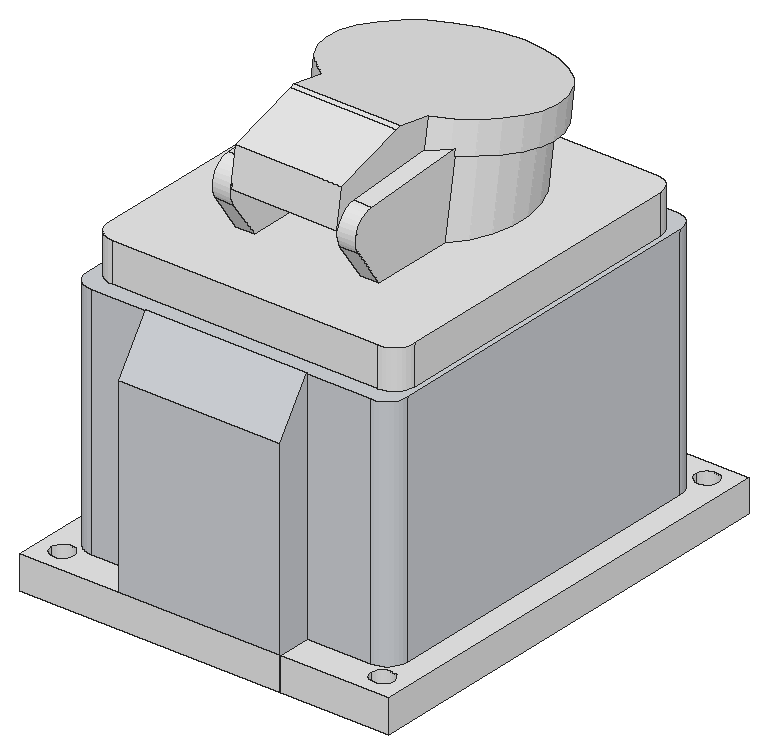
Revit family "Building-ConnessioniIEC309-GEWISS-IEC309BTS-PRESE_FISSE_PAR_10°_BASSISSIMA_V_IP44", category Apparecchi elettrici, host Superficie, Revit 2019
Family settings
  Host = Superficie
  Mantenere orientamento annotazione = Sì
  Quota connettore circolare = Usa diametro
  Tipo di parte = Normale
  Taglio con vuoti quando caricato = No
  Condiviso = Sì
  Punto di calcolo locali = Sì
Parameters (values of type "GW62473 - PRESA FISSA 10°PAR.PR.2P 32A CC 10H")
  simbolo acceso [instance] = yes
  distanza_simbolo [instance] = 1 mm
  distanza dal piano [instance] = 0 mm
  W = 115 mm  # constant formula
  Versione file RFA = "21.11"
  URL = "https://www.gewiss.com/it/it"
  Tipologia = "Presa fissa da parete 10°"
  Tipo Cablaggio = "A vite"
  Termopressione con biglia = "125 °C (Parti attive) - 80 °C (Parti passive)"
  Tensione nominale: = "20-25 V e 40-50 V"
  Temperatura di utilizzo = "-25 +40 °C"
  Spostamento_effettivo_S [instance] = 4000 mm - Spostamento_S  # 3045 mm
  Spostamento_S = 955 mm
  Sportello_visibile = yes
  Sovraccarico ammissibile = "42A"
  Scheda Tecnica = "https://www.gewiss.com/it/it/search?q=GW62473"
  SPinotto = Default(2)
  SEO = "Presa"
  Riferimento h: = "10"
  Resistenza di isolamento = "- 10 M?"
  Resistenza agli urti = "IK08"
  Prospetto di default = 500 mm
  Produttore = "GEWISS S.p.A."
  Potere d'interruzione a 1,1 Un = "40A"
  Piastra = Default(2)
  N. poli = "2P"
  N. Manovre complessive = "-2000"
  Modello = "GW62473"
  L = 155 mm  # constant formula
  Immagine tipo = (empty or 0)
  IDT = "985099ec4f384df9a4f1881abc1748ff"
  IDF = "91b45953-acf1-4e0b-a32c-f2a8ef19a38d"
  Grado di protezione = "IP44"
  Glow wire test: = "850 °C (Parti attive) - 650 °C (Parti passive)"
  Frequenza = "c.c."
  FORMULA = 1000 mm * 1  # 1000 mm
  Descrizione = "PRESA FISSA 10°PAR.PR.2P 32A CC 10H"
  Creato da GEWISS S.p.A. = ""
  Corrente nominale (A) = "32"
  Corpo centrale = Default(2)
  Colore: = "Bianco"
  Codice Electrocod = "2210"
  Catalogo = "BUILDING"
  CapacitÃ  serraggio morsetti = "2,5-6 mm² cavi flessibili - 2,5-10 mm² cavi rigidi"
  COBie.Tagnumber = ""
  COBie.CreatedOn = ""
  COBie.CreatebBy = ""
  COBie.ComponentRegisterItemID = ""
  COBie.Component.TagNumber = ""
  COBie.Component.Space = ""
  COBie.Component.SerialNumber = ""
  COBie.Component.InstallationDate = ""
  COBie.Component.Description = ""
  COBie.Component.BarCode = ""
  BLOCCO = "B=C"
Types (18, lengths in mm): name | Tensione nominale: | Sovraccarico ammissibile | Scheda Tecnica | Riferimento h: | Potere d'interruzione a 1,1 Un | N. poli | N. Manovre complessive | Modello | IDT | Frequenza | Descrizione | Corrente nominale (A) | Colore: | CapacitÃ  serraggio morsetti
  GW62456 - PRESA FISSA 10°PAR.PR.2P 16A 24V S.R. | "20-25 V" | "22A" | "https://www.gewiss.com/it/it/search?q=GW62456" | "-" | "20A" | "2P" | "-5000" | "GW62456" | "7d5b684547bb4727a0f3d0db4403fed9" | "50 - 60 Hz" | "PRESA FISSA 10°PAR.PR.2P 16A 24V S.R." | "16" | "Viola" | "1-2,5 mm² cavi flessibili - 1,5-4 mm² cavi rigidi"
  GW62457 - PRESA FISSA 10°PAR.PR.3P 16A 24V S.R. | "20-25 V" | "22A" | "https://www.gewiss.com/it/it/search?q=GW62457" | "-" | "20A" | "3P" | "-5000" | "GW62457" | "90e39cc7aded4eb68d03abe1b1d09188" | "50 - 60 Hz" | "PRESA FISSA 10°PAR.PR.3P 16A 24V S.R." | "16" | "Viola" | "1-2,5 mm² cavi flessibili - 1,5-4 mm² cavi rigidi"
  GW62458 - PRESA FISSA 10°PAR.PR.2P 16A 42V 12H | "40-50 V" | "22A" | "https://www.gewiss.com/it/it/search?q=GW62458" | "12" | "20A" | "2P" | "-5000" | "GW62458" | "8cccc5702d0c4115af7b15245a22a2b2" | "50 - 60 Hz" | "PRESA FISSA 10°PAR.PR.2P 16A 42V 12H" | "16" | "Bianco" | "1-2,5 mm² cavi flessibili - 1,5-4 mm² cavi rigidi"
  GW62459 - PRESA FISSA 10°PAR.PR.3P 16A 42V 12H | "40-50 V" | "22A" | "https://www.gewiss.com/it/it/search?q=GW62459" | "12" | "20A" | "3P" | "-5000" | "GW62459" | "ca0d0b1bb092479180f9ab97bb2fcedb" | "50 - 60 Hz" | "PRESA FISSA 10°PAR.PR.3P 16A 42V 12H" | "16" | "Bianco" | "1-2,5 mm² cavi flessibili - 1,5-4 mm² cavi rigidi"
  GW62460 - PRESA FISSA 10°PAR.PR.2P 16A 24/42V 4H | "20-25 V e 40-50 V" | "22A" | "https://www.gewiss.com/it/it/search?q=GW62460" | "4" | "20A" | "2P" | "-5000" | "GW62460" | "34971d4872e342d8b9deecafd093ac5d" | "100 - 200 Hz" | "PRESA FISSA 10°PAR.PR.2P 16A 24/42V 4H" | "16" | "Verde" | "1-2,5 mm² cavi flessibili - 1,5-4 mm² cavi rigidi"
  GW62461 - PRESA FISSA 10°PAR.PR.3P 16A 24/42V 4H | "20-25 V e 40-50 V" | "22A" | "https://www.gewiss.com/it/it/search?q=GW62461" | "4" | "20A" | "3P" | "-5000" | "GW62461" | "5e295d5d64e24095b380a3490871b562" | "100 - 200 Hz" | "PRESA FISSA 10°PAR.PR.3P 16A 24/42V 4H" | "16" | "Verde" | "1-2,5 mm² cavi flessibili - 1,5-4 mm² cavi rigidi"
  GW62462 - PRESA FISSA 10°PAR.PR.2P 16A 24/42V 11H | "20-25 V e 40-50 V" | "22A" | "https://www.gewiss.com/it/it/search?q=GW62462" | "11" | "20A" | "2P" | "-5000" | "GW62462" | "2dd16fd37efb461bb407df73c0079121" | "401 - 500 Hz" | "PRESA FISSA 10°PAR.PR.2P 16A 24/42V 11H" | "16" | "Verde" | "1-2,5 mm² cavi flessibili - 1,5-4 mm² cavi rigidi"
  GW62463 - PRESA FISSA 10°PAR.PR.3P 16A 24/42V 11H | "20-25 V e 40-50 V" | "22A" | "https://www.gewiss.com/it/it/search?q=GW62463" | "11" | "20A" | "3P" | "-5000" | "GW62463" | "6d89f80d4bf54053b553a56c70c2c79a" | "401 - 500 Hz" | "PRESA FISSA 10°PAR.PR.3P 16A 24/42V 11H" | "16" | "Verde" | "1-2,5 mm² cavi flessibili - 1,5-4 mm² cavi rigidi"
  GW62464 - PRESA FISSA 10°PAR.PR.2P 16A CC 10H | "20-25 V e 40-50 V" | "22A" | "https://www.gewiss.com/it/it/search?q=GW62464" | "10" | "20A" | "2P" | "-5000" | "GW62464" | "1f9e7aa408e640b09a9436fff713b919" | "c.c." | "PRESA FISSA 10°PAR.PR.2P 16A CC 10H" | "16" | "Bianco" | "1-2,5 mm² cavi flessibili - 1,5-4 mm² cavi rigidi"
  GW62465 - PRESA FISSA 10°PAR.PR.2P 32A 24V S.R. | "20-25 V" | "42A" | "https://www.gewiss.com/it/it/search?q=GW62465" | "-" | "40A" | "2P" | "-2000" | "GW62465" | "de5450c8a9c944f1b39d7c1e5af0d4ad" | "50 - 60 Hz" | "PRESA FISSA 10°PAR.PR.2P 32A 24V S.R." | "32" | "Viola" | "2,5-6 mm² cavi flessibili - 2,5-10 mm² cavi rigidi"
  GW62466 - PRESA FISSA 10°PAR.PR.3P 32A 24V S.R. | "20-25 V" | "42A" | "https://www.gewiss.com/it/it/search?q=GW62466" | "-" | "40A" | "3P" | "-2000" | "GW62466" | "be90706e0c7346e98c94ad55b190a89e" | "50 - 60 Hz" | "PRESA FISSA 10°PAR.PR.3P 32A 24V S.R." | "32" | "Viola" | "2,5-6 mm² cavi flessibili - 2,5-10 mm² cavi rigidi"
  GW62467 - PRESA FISSA 10°PAR.PR.2P 32A 42V 12H | "40-50 V" | "42A" | "https://www.gewiss.com/it/it/search?q=GW62467" | "12" | "40A" | "2P" | "-2000" | "GW62467" | "8f6b7defcd074103b28d388e0e7ca2bf" | "50 - 60 Hz" | "PRESA FISSA 10°PAR.PR.2P 32A 42V 12H" | "32" | "Bianco" | "2,5-6 mm² cavi flessibili - 2,5-10 mm² cavi rigidi"
  GW62468 - PRESA FISSA 10°PAR.PR.3P 32A 42V 12H | "40-50 V" | "42A" | "https://www.gewiss.com/it/it/search?q=GW62468" | "12" | "40A" | "3P" | "-2000" | "GW62468" | "8df6787f81b94943b6d91644d91883b0" | "50 - 60 Hz" | "PRESA FISSA 10°PAR.PR.3P 32A 42V 12H" | "32" | "Bianco" | "2,5-6 mm² cavi flessibili - 2,5-10 mm² cavi rigidi"
  GW62469 - PRESA FISSA 10°PAR.PR.2P 32A 24/42V4H | "20-25 V e 40-50 V" | "42A" | "https://www.gewiss.com/it/it/search?q=GW62469" | "4" | "40A" | "2P" | "-2000" | "GW62469" | "03059986b6b248abb18bcdca87522a76" | "100 - 200 Hz" | "PRESA FISSA 10°PAR.PR.2P 32A 24/42V4H" | "32" | "Verde" | "2,5-6 mm² cavi flessibili - 2,5-10 mm² cavi rigidi"
  GW62470 - PRESA FISSA 10°PAR.PR.3P 32A 24/42V4H | "20-25 V e 40-50 V" | "42A" | "https://www.gewiss.com/it/it/search?q=GW62470" | "4" | "40A" | "3P" | "-2000" | "GW62470" | "e38e93ea567148418ca9a85073c499b1" | "100 - 200 Hz" | "PRESA FISSA 10°PAR.PR.3P 32A 24/42V4H" | "32" | "Verde" | "2,5-6 mm² cavi flessibili - 2,5-10 mm² cavi rigidi"
  GW62471 - PRESA FISSA 10°PAR.PR.2P 32A 24/42V 11H | "20-25 V e 40-50 V" | "42A" | "https://www.gewiss.com/it/it/search?q=GW62471" | "11" | "40A" | "2P" | "-2000" | "GW62471" | "08eaefc1a4694532818f0be07bb15b4a" | "401 - 500 Hz" | "PRESA FISSA 10°PAR.PR.2P 32A 24/42V 11H" | "32" | "Verde" | "2,5-6 mm² cavi flessibili - 2,5-10 mm² cavi rigidi"
  GW62472 - PRESA FISSA 10°PAR.PR.3P 32A 24/42V 11H | "20-25 V e 40-50 V" | "42A" | "https://www.gewiss.com/it/it/search?q=GW62472" | "11" | "40A" | "3P" | "-2000" | "GW62472" | "00f4bd4a7f94404f990660d015841564" | "401 - 500 Hz" | "PRESA FISSA 10°PAR.PR.3P 32A 24/42V 11H" | "32" | "Verde" | "2,5-6 mm² cavi flessibili - 2,5-10 mm² cavi rigidi"
  GW62473 - PRESA FISSA 10°PAR.PR.2P 32A CC 10H | "20-25 V e 40-50 V" | "42A" | "https://www.gewiss.com/it/it/search?q=GW62473" | "10" | "40A" | "2P" | "-2000" | "GW62473" | "985099ec4f384df9a4f1881abc1748ff" | "c.c." | "PRESA FISSA 10°PAR.PR.2P 32A CC 10H" | "32" | "Bianco" | "2,5-6 mm² cavi flessibili - 2,5-10 mm² cavi rigidi"
Reference planes
  plane 1 "Centro (Fronte/Retro)": y = 0
  plane 2: z = 0
  plane 3 "Centro (Sinistra/Destra)": x = 0
  plane 4: x = -3000
  plane 5: x = 45
  plane 6: z = 0
Dimensions and locks
  plane 4 to plane 3 "Centro (Sinistra/Destra)" = 3000 mm
  "Spostamento_effettivo_S": plane 4 to plane 5
  "distanza dal piano": plane 6 to plane 2
  aligned and locked: plane 2 to host face
  aligned and locked: level to host face
  aligned and locked: plane 3 "Centro (Sinistra/Destra)" to nested 1
  aligned and locked: plane 1 "Centro (Fronte/Retro)" to nested 1
  aligned and locked: nested 2 to plane 5
Automatic sketch dimensions
  host sketch curve to host sketch curve = 2438.4 mm  (x2)
Nested families
  nested 1: "IEC309 PRESE FISSE INCASSO 10' 125A IP66-67_BASE" at (0, 0, 0), type "IEC309 PRESE FISSE INCASSO 10' 125A IP66-67_BASE"
  nested 2: "GWGW62201FH - SIMBOLO_PRESA" at (45, 171.559, 0), visible <- "simbolo acceso", Distanza dal muro <- "distanza_simbolo", type "3P"
    with SIMBOLO ACCESO yes, Distanza dal muro 1 mm
  nested 3: "dett_PRESA" at (0, 0, 0), type "dett_PRESA"
Connectors
  electrical at (37.5, 30, 0)
    settings: on nested 1, index 1, voltage 0 V, apparent load 0 VA, apparent load phase1 0 VA, apparent load phase2 0 VA, apparent load phase3 0 VA, power factor 1, load classification "Altro", number of poles 1, system type 31, power factor state 1, is connector primary yes, connector utility no, sub classification motor no, connector description ""
Definition of nested family "IEC309 PRESE FISSE INCASSO 10' 125A IP66-67_BASE"
  Parameters (values of type "IEC309 PRESE FISSE INCASSO 10' 125A IP66-67_BASE")
    sp_ghiera = 16 mm
    r2 = 39 mm
    h = 110 mm  # constant formula
    dis_base = 71 mm
    Sportello = yes
    Spinotto = none
    R1 = 42 mm
    PIASTRA = none
    Lunghezza totale = 140 mm
    CENTRALE = none
    Bsae = 90 mm  # constant formula
  Reference planes
    plane 1 "Centro (Fronte/Retro)": y = 0
    plane 2: z = 0
    plane 3 "Centro (Sinistra/Destra)": x = 0
    plane 4: x = 90
    plane 5: y = 110
    plane 6: x = 45
    plane 7: y = 104.875
    plane 8: y = 5.75
    plane 9: x = 5.75
    plane 10: x = 84
    plane 11: z = 8
    plane 12: y = 101.673
    plane 13: y = 8.334
    plane 14: z = 66
    plane 15: x = 7.498
    plane 16: y = 97.488
    plane 17: x = 82.498
    plane 18: y = 12.508
    plane 19: z = 75.463
    plane 20: x = 27.511
    plane 21: x = 32.023
    plane 22: x = 62.489
    plane 23: x = 57.977
  Forms (mm)
    Extrusion 1, solid, material <- "PIASTRA"
      sketch origin (0, 0, 0) x (1, 0, 0) y (0, 1, 0)
        loop
          line (0, 110) -> (0, 0) -> (90, 0) -> (90, 110) -> (0, 110)
      from 0 to 8
    Extrusion 2, void
      sketch origin (0, 0, 0) x (1, 0, 0) y (0, 1, 0)
        loop
          circle (5.75, 104.875) r 2.8
        loop
          circle (84, 104.875) r 2.8
        loop
          circle (5.75, 5.75) r 2.8
        loop
          circle (84, 5.75) r 2.8
      from 0 to 8
    Extrusion 3, solid
      sketch origin (0, 0, 0) x (1, 0, 0) y (0, 1, 0)
        loop
          line (5.75, 96.673) -> (5.75, 13.334)
          arc (5.75, 13.334) -> (7.214, 9.799) -> (10.75, 8.334) r 5
          line (10.75, 8.334) -> (79, 8.334)
          arc (79, 8.334) -> (82.536, 9.799) -> (84, 13.334) r 5
          line (84, 13.334) -> (84, 96.673)
          arc (84, 96.673) -> (82.536, 100.208) -> (79, 101.673) r 5
          line (79, 101.673) -> (10.75, 101.673)
          arc (10.75, 101.673) -> (7.214, 100.208) -> (5.75, 96.673) r 5
      from 8 to 66
    Extrusion 4, solid, material <- "PIASTRA"
      sketch origin (0, 0, 0) x (1, 0, 0) y (0, 1, 0)
        loop
          arc (12.498, 97.488) -> (8.962, 96.024) -> (7.498, 92.488) r 5
          line (7.498, 92.488) -> (7.498, 17.508)
          arc (7.498, 17.508) -> (8.962, 13.972) -> (12.498, 12.508) r 5
          line (12.498, 12.508) -> (77.498, 12.508)
          arc (77.498, 12.508) -> (81.033, 13.972) -> (82.498, 17.508) r 5
          line (82.498, 17.508) -> (82.498, 92.488)
          arc (82.498, 92.488) -> (81.033, 96.024) -> (77.498, 97.488) r 5
          line (77.498, 97.488) -> (12.498, 97.488)
      from 66 to 75.463
    Extrusion 5, solid
      sketch origin (0, 0, 0) x (0, 1, 0) y (0, 0, 1)
        loop
          line (0, 0) -> (8.334, 0) -> (8.334, 66.241) -> (0, 54.405) -> (0, 0)
      from 24.059 to 63.428
    Extrusion 6, solid
      sketch origin (0, 110, 0) x (0, -1, 0) y (0, 0, -1)
        loop
          line (0, 0) -> (0, -54.405) -> (8.334, -66.241) -> (8.334, 0) -> (0, 0)
      from 24.059 to 63.428
    Sweep 7, solid, material <- "PIASTRA"
      path origin (0, 0, 0) x (0, 1, 0) y (0, 0, 1)
        loop
          line (73.263, 97.736) -> (71.948, 90.281)
      profile origin (0, 72.606, 94.008) x (0, 0.984808, -0.173648) y (1, 0, 0)
        loop
          circle (0, 45) r 25
    Extrusion 8, solid, material <- "PIASTRA"
      sketch origin (0, 0, 0) x (0, 1, 0) y (0, 0, 1)
        loop
          line (25.806, 97.501) -> (24.369, 88.419)
          arc (24.369, 88.419) -> (26.054, 91.556) -> (29.326, 92.962) r 5.4
          line (29.326, 92.962) -> (51.956, 94.556) -> (53.142, 101.284) -> (43.676, 102.953)
          arc (43.676, 102.953) -> (43.104, 102.789) -> (42.534, 102.618) r 55
          line (42.534, 102.618) -> (25.806, 97.501)
      from 32.023 to 57.977
    Extrusion 9, solid, material <- "PIASTRA"
      sketch origin (0, 0, 0) x (0, 1, 0) y (0, 0, 1)
        loop
          line (55.25, 94.789) -> (29.326, 92.962)
          arc (29.326, 92.962) -> (24.829, 89.9) -> (25.28, 84.478) r 5.4
          line (25.28, 84.478) -> (31.592, 75.463) -> (51.843, 75.463) -> (55.25, 94.789)
      from 27.511 to 32.023
    Sweep 10, solid, material <- "PIASTRA"
      path origin (0, -2.627, 0.463) x (0, 1, 0) y (0, 0, 1)
        loop
          line (72.741, 90.141) -> (68.824, 67.926)
      profile origin (0, 68.156, 79.497) x (0, 0.984808, -0.173648) y (1, 0, 0)
        loop
          circle (0, 45) r 23.5
    Extrusion 11, solid, material <- "PIASTRA"
      sketch origin (90, 0, 0) x (0, 1, 0) y (0, 0, -1)
        loop
          line (55.25, -94.789) -> (51.843, -75.463) -> (31.592, -75.463) -> (25.28, -84.478)
          arc (25.28, -84.478) -> (24.829, -89.9) -> (29.326, -92.962) r 5.4
          line (29.326, -92.962) -> (55.25, -94.789)
      from 27.511 to 32.023
  Cuts and joins
    Extrusion 2 cuts Extrusion 1
    joined: Extrusion 4, Sweep 7, Extrusion 8, Extrusion 9, Sweep 10, Extrusion 11
  Dimensions and locks
    plane 3 "Centro (Sinistra/Destra)" to plane 4 = 90 mm
    plane 1 "Centro (Fronte/Retro)" to plane 5 = 110 mm
    equal spacing: plane 3 "Centro (Sinistra/Destra)", plane 6, plane 4
    locked: plane 3 "Centro (Sinistra/Destra)" to plane 9 at 5.75
    locked: plane 10 to plane 4 at 6
    locked: plane 1 "Centro (Fronte/Retro)" to plane 8 at 5.75
    locked: plane 5 to plane 7 at 5.125
    locked: plane 11 to level at 8
    "Bsae": plane 3 "Centro (Sinistra/Destra)" to plane 4
    "h": plane 1 "Centro (Fronte/Retro)" to plane 5
    locked: plane 12 to plane 7 at 3.202
    locked: plane 8 to plane 13 at 2.584
    locked: plane 14 to plane 11 at 58
    diameter of cut or joined group of Extrusion 1, Extrusion 2 = 5.6 mm
    radius of Extrusion 3 sketch curve = 5 mm  (x3)
    radius of Extrusion 4 sketch curve = 5 mm  (x3)
    radius of Sweep 10 sketch curve = 23.5 mm
    aligned and locked: level to plane 2
    aligned and locked: Extrusion 1 sketch curve to plane 3 "Centro (Sinistra/Destra)"
    aligned and locked: Extrusion 1 sketch curve to plane 5
    aligned and locked: Extrusion 1 sketch curve to plane 4
    aligned and locked: Extrusion 1 sketch curve to plane 1 "Centro (Fronte/Retro)"
    aligned and locked: plane 11 to Extrusion 1
    aligned and locked: plane 9 to Extrusion 2 sketch curve  (x2)
    aligned and locked: plane 7 to Extrusion 2 sketch curve  (x2)
    aligned and locked: plane 10 to Extrusion 2 sketch curve  (x2)
    aligned and locked: plane 8 to Extrusion 2 sketch curve  (x2)
    aligned and locked: cut or joined group of Extrusion 1, Extrusion 2 to level
    aligned and locked: Extrusion 1 to Extrusion 2
    aligned and locked: Extrusion 3 sketch curve to plane 9
    aligned and locked: Extrusion 3 sketch curve to plane 10
    aligned and locked: Extrusion 3 sketch curve to plane 13
    aligned and locked: plane 12 to Extrusion 3 sketch curve
    aligned and locked: plane 14 to Extrusion 3
    aligned and locked: Extrusion 3 to plane 11
    aligned and locked: Extrusion 4 sketch curve to plane 16
    aligned and locked: Extrusion 4 sketch curve to plane 15
    aligned and locked: Extrusion 4 sketch curve to plane 17
    aligned and locked: Extrusion 4 sketch curve to plane 18
    aligned and locked: Extrusion 4 to plane 14
    aligned and locked: Extrusion 5 sketch curve to plane 1 "Centro (Fronte/Retro)"
    aligned and locked: Extrusion 5 sketch curve to plane 13
    aligned and locked: Extrusion 4 to plane 19
    aligned and locked: plane 6 to Sweep 7 sketch curve
    aligned and locked: Extrusion 9 sketch curve to plane 19
    aligned and locked: Extrusion 9 to plane 20
    aligned and locked: plane 21 to Extrusion 9
    aligned and locked: plane 6 to Sweep 10 sketch curve
    aligned and locked: cut or joined group of Extrusion 4, Sweep 7, Extrusion 8, Extrusion 9, Sweep 10, Extrusion 11 to plane 23
    aligned and locked: Extrusion 11 to plane 23
    aligned and locked: Extrusion 11 to plane 22
  Automatic sketch dimensions
    plane 15 to Extrusion 3 sketch curve = 3.252 mm
    plane 15 to Extrusion 4 sketch curve = 5 mm
    Extrusion 5 sketch curve to level = 0 mm
    Extrusion 5 sketch curve to plane 14 = 11.595 mm
    plane 14 to Extrusion 5 sketch curve = 0.241 mm
    Extrusion 6 sketch curve to plane 5 = 0 mm
    Extrusion 6 sketch curve to level = 0 mm
    Extrusion 6 sketch curve to plane 12 = 0.007 mm
    plane 14 to Extrusion 6 sketch curve = 11.595 mm
    Extrusion 6 sketch curve to plane 14 = 0.241 mm
    Sweep 7 sketch curve to plane 16 = 25.54 mm
    Sweep 7 sketch curve to plane 19 = 14.817 mm
    Sweep 7 sketch curve to Sweep 7 sketch curve = 1.315 mm
    Sweep 7 sketch curve to Sweep 7 sketch curve = 7.456 mm
    Sweep 7 sketch curve to profile plane = 0 mm
    Extrusion 8 sketch curve to plane 18 = 13.298 mm
    Extrusion 8 sketch curve to Extrusion 8 sketch curve = 3.521 mm
    Extrusion 8 sketch curve to Extrusion 8 sketch curve = 0.377 mm
    Extrusion 8 sketch curve to Extrusion 8 sketch curve = 14.349 mm
    Extrusion 8 sketch curve to plane 19 = 19.093 mm
    Extrusion 8 sketch curve to Extrusion 8 sketch curve = 8.28 mm
    Extrusion 8 sketch curve to Extrusion 8 sketch curve = 1.186 mm
    Extrusion 8 sketch curve to plane 14 = 15.977 mm
    Extrusion 8 sketch curve to plane 16 = 38.866 mm
    Extrusion 8 sketch curve to plane 19 = 12.112 mm
    Extrusion 8 sketch curve to Extrusion 8 sketch curve = 5.387 mm
    Extrusion 8 sketch curve to Extrusion 8 sketch curve = 4.539 mm
    Extrusion 8 sketch curve to Extrusion 8 sketch curve = 6.728 mm
    Extrusion 8 sketch curve to Extrusion 8 sketch curve = 1.669 mm
    Extrusion 8 sketch curve to Extrusion 8 sketch curve = 5.334 mm
    Extrusion 8 sketch curve to Extrusion 8 sketch curve = 0 mm  (x4)
    Extrusion 8 sketch curve to Extrusion 8 sketch curve = 1.142 mm
    Extrusion 9 sketch curve to plane 18 = 12.772 mm
    Extrusion 9 sketch curve to Extrusion 9 sketch curve = 4.047 mm
    Extrusion 9 sketch curve to Extrusion 9 sketch curve = 0.377 mm
    Extrusion 9 sketch curve to Extrusion 9 sketch curve = 6.312 mm
    Extrusion 9 sketch curve to Extrusion 9 sketch curve = 20.251 mm
    Extrusion 9 sketch curve to Extrusion 9 sketch curve = 25.924 mm
    Extrusion 9 sketch curve to plane 19 = 9.015 mm
    Extrusion 9 sketch curve to Extrusion 9 sketch curve = 3.097 mm
    Extrusion 9 sketch curve to Extrusion 9 sketch curve = 1.826 mm
    plane 14 to Sweep 10 sketch curve = 2.39 mm
    Sweep 10 sketch curve to plane 16 = 31.291 mm
    Sweep 10 sketch curve to Sweep 10 sketch curve = 3.917 mm
    Sweep 10 sketch curve to plane 19 = 15.141 mm
    Sweep 10 sketch curve to profile plane = 0 mm
    plane 19 to Extrusion 11 sketch curve = 0 mm
    Extrusion 11 sketch curve to plane 18 = 12.772 mm
    Extrusion 11 sketch curve to Extrusion 11 sketch curve = 4.047 mm
    Extrusion 11 sketch curve to Extrusion 11 sketch curve = 4.423 mm
    Extrusion 11 sketch curve to Extrusion 11 sketch curve = 6.312 mm
    Extrusion 11 sketch curve to Extrusion 11 sketch curve = 20.251 mm
    Extrusion 11 sketch curve to Extrusion 11 sketch curve = 25.924 mm
    Extrusion 11 sketch curve to plane 19 = 9.015 mm
    Extrusion 11 sketch curve to Extrusion 11 sketch curve = 3.097 mm
    Extrusion 11 sketch curve to Extrusion 11 sketch curve = 1.826 mm
    radius of Extrusion 2 sketch curve = 2.8 mm  (x4)
    radius of Sweep 7 sketch curve = 25 mm
Definition of nested family "GWGW62201FH - SIMBOLO_PRESA"
  Parameters (values of type "3P")
    SIMBOLO ACCESO [instance] = yes
    Distanza dal muro [instance] = 0 mm
  Reference planes
    plane 1: y = 0
    plane 2: x = 0
  Dimensions and locks
    "Distanza dal muro": plane 1 to nested 1
    aligned and locked: plane 2 to nested 1
  Nested families
    nested 1: "GWGW62201FH - SIMBOLO" at (0, 0, 0), visible <- "SIMBOLO ACCESO", type "3P"
  Definition of nested family "GWGW62201FH - SIMBOLO"
    Parameters (values of type "3P")
      CORNICE SIMBOLO [instance] = yes
      3P = yes
    Reference planes
      plane 1: y = 0
      plane 2: x = 0
    Lines and regions (mm)
      detail lines
        curve 1: circle (-0.314, 0.674, 0) r 0.057 normal (0, 0, 1)
        curve 2: arc (0.346, -0.009, 0) -> (0, 0.337, 0) -> (-0.346, -0.009, 0) r 0.346
        curve 3: line (0, 0.337, 0) -> (0.346, 0.337, 0)
        curve 4: line (0, 3.386, 0) -> (0, 0.337, 0)
        curve 5: line (0, 0.337, 0) -> (-0.314, 0.674, 0)
Definition of nested family "dett_PRESA"
  Reference planes
    plane 1 "Centro (Fronte/Retro)": y = 0
    plane 2: z = 0
    plane 3 "Centro (Sinistra/Destra)": x = 0
  Lines and regions (mm)
    model lines, in view "Livello rif."
      curve 1: arc (61.498, 61.665, 0) -> (44.998, 67.722, 0) -> (28.498, 61.665, 0) r 25.502
      curve 2: spline (28.472, 62.844, 0) -> (27.012, 61.491, 0) -> (25.665, 60.027, 0) -> (24.441, 58.464, 0) -> (23.348, 56.809, 0) -> (22.391, 55.074, 0) -> (21.577, 53.269, 0) -> (20.912, 51.407, 0) -> (20.399, 49.498, 0) -> (20.042, 47.555, 0) -> (19.843, 45.59, 0) -> (19.803, 43.616, 0) -> (19.922, 41.645, 0)
      curve 3: spline (70.073, 41.643, 0) -> (70.193, 43.614, 0) -> (70.153, 45.589, 0) -> (69.954, 47.554, 0) -> (69.596, 49.497, 0) -> (69.084, 51.405, 0) -> (68.418, 53.268, 0) -> (67.605, 55.073, 0) -> (66.648, 56.808, 0) -> (65.554, 58.463, 0) -> (64.33, 60.027, 0) -> (62.984, 61.49, 0) -> (61.524, 62.844, 0)
      curve 4: spline (29.494, 84.757, 0) -> (29.364, 84.748, 0) -> (29.236, 84.722, 0) -> (29.112, 84.679, 0) -> (28.995, 84.62, 0) -> (28.887, 84.546, 0) -> (28.789, 84.458, 0) -> (28.703, 84.357, 0) -> (28.631, 84.246, 0) -> (28.573, 84.126, 0) -> (28.531, 83.999, 0) -> (28.506, 83.868, 0) -> (28.498, 83.735, 0)
      curve 5: line (28.876, 69.625, 0) -> (28.587, 69.709, 0)
      curve 6: line (28.979, 69.618, 0) -> (28.587, 69.709, 0)
      curve 7: line (61.018, 69.624, 0) -> (28.979, 69.618, 0)
      curve 8: line (61.121, 69.63, 0) -> (61.409, 69.714, 0)
      curve 9: line (61.018, 69.624, 0) -> (61.409, 69.714, 0)
      curve 10: spline (61.498, 83.735, 0) -> (61.489, 83.868, 0) -> (61.464, 84, 0) -> (61.422, 84.126, 0) -> (61.364, 84.246, 0) -> (61.292, 84.357, 0) -> (61.206, 84.458, 0) -> (61.108, 84.546, 0) -> (60.999, 84.62, 0) -> (60.882, 84.679, 0) -> (60.759, 84.722, 0) -> (60.631, 84.748, 0) -> (60.501, 84.757, 0)
      curve 11: spline (64.653, 42.492, 0) -> (63.983, 47.502, 0) -> (62.019, 52.17, 0) -> (58.896, 56.179, 0) -> (54.825, 59.255, 0) -> (50.085, 61.189, 0) -> (44.998, 61.849, 0) -> (39.91, 61.189, 0) -> (35.17, 59.255, 0) -> (31.099, 56.179, 0) -> (27.976, 52.17, 0) -> (26.012, 47.502, 0) -> (25.342, 42.492, 0) -> (26.012, 37.482, 0) -> (27.976, 32.814, 0) -> (31.099, 28.805, 0) -> (35.17, 25.729, 0) -> (39.91, 23.795, 0) -> (44.998, 23.136, 0) -> (50.085, 23.795, 0) -> (54.825, 25.729, 0) -> (58.896, 28.805, 0) -> (62.019, 32.814, 0) -> (63.983, 37.482, 0) -> (64.653, 42.492, 0)
      curve 12: arc (20.049, 40.392, 0) -> (21.05, 35.597, 0) -> (22.987, 31.099, 0) r 24.445
      curve 13: arc (22.986, 31.098, 0) -> (25.45, 27.464, 0) -> (28.516, 24.321, 0) r 24.781
      curve 14: arc (28.639, 24.166, 0) -> (28.807, 23.841, 0) -> (28.981, 23.52, 0) r 16.754
      curve 15: line (61.015, 23.522, 0) -> (28.981, 23.52, 0)
      curve 16: arc (61.015, 23.522, 0) -> (61.191, 23.845, 0) -> (61.359, 24.172, 0) r 16.754
      curve 17: arc (61.476, 24.318, 0) -> (61.411, 24.251, 0) -> (61.359, 24.172, 0) r 0.504
      curve 18: spline (61.476, 24.318, 0) -> (62.628, 25.372, 0) -> (63.712, 26.495, 0) -> (64.721, 27.682, 0) -> (65.653, 28.929, 0) -> (66.505, 30.232, 0) -> (67.271, 31.584, 0) -> (67.95, 32.981, 0) -> (68.539, 34.418, 0) -> (69.035, 35.887, 0) -> (69.437, 37.385, 0) -> (69.743, 38.904, 0) -> (69.951, 40.44, 0)
      curve 19: arc (28.17, 65.632, 0) -> (28.412, 65.967, 0) -> (28.498, 66.372, 0) r 0.999
      curve 20: spline (28.17, 65.632, 0) -> (26.951, 64.427, 0) -> (25.816, 63.141, 0) -> (24.77, 61.779, 0) -> (23.817, 60.348, 0) -> (22.963, 58.854, 0) -> (22.21, 57.304, 0) -> (21.564, 55.706, 0) -> (21.025, 54.067, 0) -> (20.598, 52.394, 0) -> (20.284, 50.695, 0) -> (20.085, 48.978, 0) -> (20.001, 47.252, 0)
      curve 21: spline (69.995, 47.252, 0) -> (69.91, 48.98, 0) -> (69.71, 50.698, 0) -> (69.396, 52.398, 0) -> (68.968, 54.072, 0) -> (68.429, 55.713, 0) -> (67.781, 57.312, 0) -> (67.028, 58.862, 0) -> (66.172, 60.357, 0) -> (65.218, 61.789, 0) -> (64.171, 63.152, 0) -> (63.034, 64.438, 0) -> (61.813, 65.643, 0)
      curve 22: arc (61.498, 66.372, 0) -> (61.58, 65.975, 0) -> (61.813, 65.643, 0) r 0.999
      curve 23: line (61.498, 61.665, 0) -> (61.498, 68.351, 0)
      curve 24: line (61.498, 68.351, 0) -> (61.498, 80.428, 0)
      curve 25: line (61.498, 80.276, 0) -> (61.498, 80.569, 0)
      curve 26: line (61.498, 80.569, 0) -> (61.498, 80.795, 0)
      curve 27: line (28.498, 83.735, 0) -> (28.498, 68.351, 0)
      curve 28: line (28.498, 68.351, 0) -> (28.498, 61.665, 0)
      curve 29: line (29.494, 84.757, 0) -> (32.148, 84.757, 0)
      curve 30: line (32.148, 84.757, 0) -> (32.657, 84.757, 0)
      curve 31: line (32.657, 84.757, 0) -> (57.339, 84.757, 0)
      curve 32: line (57.339, 84.757, 0) -> (57.848, 84.757, 0)
      curve 33: line (57.848, 84.757, 0) -> (60.501, 84.757, 0)
      curve 34: line (61.498, 82.213, 0) -> (61.498, 82.398, 0)
      curve 35: line (61.498, 82.398, 0) -> (61.498, 82.213, 0)
      curve 36: line (61.498, 82.213, 0) -> (61.498, 81.899, 0)
      curve 37: line (61.498, 81.899, 0) -> (61.498, 81.627, 0)
      curve 38: line (61.498, 81.476, 0) -> (61.498, 81.192, 0)
      curve 39: line (61.498, 81.192, 0) -> (61.498, 80.975, 0)
      curve 40: line (61.498, 80.975, 0) -> (61.498, 80.697, 0)
      curve 41: line (61.498, 80.657, 0) -> (61.498, 83.228, 0)
      curve 42: line (61.498, 83.228, 0) -> (61.498, 83.735, 0)
      curve 43: line (20.049, 40.392, 0) -> (19.922, 41.645, 0)
      curve 44: line (61.498, 81.281, 0) -> (61.498, 81.108, 0)
      curve 45: arc (74.574, 12.532, 0) -> (80.179, 14.903, 0) -> (82.494, 20.531, 0) r 8
      curve 46: arc (7.494, 20.531, 0) -> (9.81, 14.902, 0) -> (15.416, 12.532, 0) r 8
      curve 47: circle (74.998, 85.179, 0) r 2.09 normal (0, 0, 1)
      curve 48: circle (14.998, 85.179, 0) r 2.072 normal (0, 0, 1)
      curve 49: circle (14.998, 25.171, 0) r 2.068 normal (0, 0, 1)
      curve 50: circle (74.997, 25.171, 0) r 2.075 normal (0, 0, 1)
      curve 51: line (59.998, 32.071, 0) -> (59.498, 31.571, 0)
      curve 52: spline (30.498, 31.571, 0) -> (32.868, 31.466, 0) -> (35.264, 31.379, 0) -> (37.679, 31.312, 0) -> (40.11, 31.264, 0) -> (42.551, 31.235, 0) -> (44.998, 31.225, 0) -> (47.444, 31.235, 0) -> (49.885, 31.264, 0) -> (52.316, 31.312, 0) -> (54.731, 31.379, 0) -> (57.127, 31.466, 0) -> (59.498, 31.571, 0)
      curve 53: line (30.498, 31.571, 0) -> (29.998, 32.071, 0)
      curve 54: spline (59.498, 31.582, 0) -> (59.563, 31.589, 0) -> (59.627, 31.603, 0) -> (59.689, 31.626, 0) -> (59.748, 31.656, 0) -> (59.802, 31.693, 0) -> (59.851, 31.736, 0) -> (59.894, 31.785, 0) -> (59.931, 31.838, 0) -> (59.96, 31.895, 0) -> (59.981, 31.955, 0) -> (59.993, 32.017, 0) -> (59.998, 32.08, 0)
      curve 55: spline (29.998, 32.08, 0) -> (30.002, 32.017, 0) -> (30.015, 31.955, 0) -> (30.036, 31.895, 0) -> (30.065, 31.838, 0) -> (30.101, 31.785, 0) -> (30.144, 31.736, 0) -> (30.193, 31.693, 0) -> (30.248, 31.656, 0) -> (30.306, 31.626, 0) -> (30.368, 31.603, 0) -> (30.432, 31.589, 0) -> (30.498, 31.582, 0)
      curve 56: line (29.998, 52.752, 0) -> (30.493, 53.235, 0)
      curve 57: spline (30.493, 53.235, 0) -> (32.864, 53.13, 0) -> (35.26, 53.044, 0) -> (37.677, 52.976, 0) -> (40.109, 52.928, 0) -> (42.551, 52.899, 0) -> (44.998, 52.889, 0) -> (47.445, 52.899, 0) -> (49.886, 52.928, 0) -> (52.318, 52.976, 0) -> (54.735, 53.044, 0) -> (57.131, 53.13, 0) -> (59.502, 53.235, 0)
      curve 58: line (59.502, 53.235, 0) -> (59.998, 52.752, 0)
      curve 59: arc (15.498, 97.488, 0) -> (9.841, 95.145, 0) -> (7.498, 89.488, 0) r 8
      curve 60: line (66.439, 8.334, 0) -> (66.439, 0, 0)
      curve 61: line (34.35, 6.789, 0) -> (34.35, 1.545, 0)
      curve 62: line (34.35, 1.545, 0) -> (55.638, 1.545, 0)
      curve 63: line (55.638, 1.545, 0) -> (55.638, 6.789, 0)
      curve 64: line (55.638, 6.789, 0) -> (34.35, 6.789, 0)
      curve 65: line (23.549, 0, 0) -> (23.549, 8.334, 0)
      curve 66: line (8.433, 5.861, 0) -> (8.228, 6.995, 0)
      curve 67: line (8.228, 6.995, 0) -> (7.611, 7.923, 0)
      curve 68: line (7.611, 7.923, 0) -> (6.683, 8.54, 0)
      curve 69: line (6.683, 8.54, 0) -> (5.549, 8.745, 0)
      curve 70: line (5.549, 8.745, 0) -> (4.521, 8.54, 0)
      curve 71: line (4.521, 8.54, 0) -> (3.593, 7.923, 0)
      curve 72: line (3.593, 7.923, 0) -> (2.976, 6.995, 0)
      curve 73: line (2.976, 6.995, 0) -> (2.778, 5.861, 0)
      curve 74: line (2.778, 5.861, 0) -> (2.976, 4.833, 0)
      curve 75: line (2.976, 4.833, 0) -> (3.593, 3.912, 0)
      curve 76: line (3.593, 3.912, 0) -> (4.521, 3.295, 0)
      curve 77: line (4.521, 3.295, 0) -> (5.549, 3.083, 0)
      curve 78: line (5.549, 3.083, 0) -> (6.683, 3.295, 0)
      curve 79: line (6.683, 3.295, 0) -> (7.611, 3.912, 0)
      curve 80: line (7.611, 3.912, 0) -> (8.228, 4.833, 0)
      curve 81: line (8.228, 4.833, 0) -> (8.433, 5.861, 0)
      curve 82: line (87.217, 5.861, 0) -> (87.012, 4.833, 0)
      curve 83: line (87.012, 4.833, 0) -> (86.395, 3.912, 0)
      curve 84: line (86.395, 3.912, 0) -> (85.466, 3.295, 0)
      curve 85: line (85.466, 3.295, 0) -> (84.44, 3.083, 0)
      curve 86: line (84.44, 3.083, 0) -> (83.306, 3.295, 0)
      curve 87: line (83.306, 3.295, 0) -> (82.384, 3.912, 0)
      curve 88: line (82.384, 3.912, 0) -> (81.767, 4.833, 0)
      curve 89: line (81.767, 4.833, 0) -> (81.562, 5.861, 0)
      curve 90: line (81.562, 5.861, 0) -> (81.767, 6.995, 0)
      curve 91: line (81.767, 6.995, 0) -> (82.384, 7.923, 0)
      curve 92: line (82.384, 7.923, 0) -> (83.306, 8.54, 0)
      curve 93: line (83.306, 8.54, 0) -> (84.44, 8.745, 0)
      curve 94: line (84.44, 8.745, 0) -> (85.466, 8.54, 0)
      curve 95: line (85.466, 8.54, 0) -> (86.395, 7.923, 0)
      curve 96: line (86.395, 7.923, 0) -> (87.012, 6.995, 0)
      curve 97: line (87.012, 6.995, 0) -> (87.217, 5.861, 0)
      curve 98: line (85.261, 110, 0) -> (4.727, 110, 0)
      curve 99: line (4.727, 110, 0) -> (3.494, 109.901, 0)
      curve 100: line (3.494, 109.901, 0) -> (2.36, 109.383, 0)
      curve 101: line (2.36, 109.383, 0) -> (1.438, 108.668, 0)
      curve 102: line (1.438, 108.668, 0) -> (0.616, 107.64, 0)
      curve 103: line (0.616, 107.64, 0) -> (0.205, 106.506, 0)
      curve 104: line (0.205, 106.506, 0) -> (0, 105.273, 0)
      curve 105: line (0, 105.273, 0) -> (0, 4.734, 0)
      curve 106: line (0, 4.734, 0) -> (0.205, 3.494, 0)
      curve 107: line (0.205, 3.494, 0) -> (0.616, 2.367, 0)
      curve 108: line (0.616, 2.367, 0) -> (1.438, 1.439, 0)
      curve 109: line (1.438, 1.439, 0) -> (2.36, 0.617, 0)
      curve 110: line (2.36, 0.617, 0) -> (3.494, 0.206, 0)
      curve 111: line (3.494, 0.206, 0) -> (4.727, 0, 0)
      curve 112: line (4.727, 0, 0) -> (85.261, 0, 0)
      curve 113: line (85.261, 0, 0) -> (86.494, 0.206, 0)
      curve 114: line (86.494, 0.206, 0) -> (87.628, 0.617, 0)
      curve 115: line (87.628, 0.617, 0) -> (88.557, 1.439, 0)
      curve 116: line (88.557, 1.439, 0) -> (89.379, 2.367, 0)
      curve 117: line (89.379, 2.367, 0) -> (89.79, 3.494, 0)
      curve 118: line (89.79, 3.494, 0) -> (89.995, 4.734, 0)
      curve 119: line (89.995, 4.734, 0) -> (89.995, 105.273, 0)
      curve 120: line (89.995, 105.273, 0) -> (89.79, 106.506, 0)
      curve 121: line (89.79, 106.506, 0) -> (89.379, 107.64, 0)
      curve 122: line (89.379, 107.64, 0) -> (88.557, 108.668, 0)
      curve 123: line (88.557, 108.668, 0) -> (87.628, 109.383, 0)
      curve 124: line (87.628, 109.383, 0) -> (86.494, 109.901, 0)
      curve 125: line (86.494, 109.901, 0) -> (85.261, 110, 0)
      curve 126: line (66.439, 110, 0) -> (66.439, 101.673, 0)
      curve 127: line (23.549, 110, 0) -> (23.549, 101.673, 0)
      curve 128: line (8.433, 104.139, 0) -> (8.228, 103.005, 0)
      curve 129: line (8.228, 103.005, 0) -> (7.611, 102.182, 0)
      curve 130: line (7.611, 102.182, 0) -> (6.683, 101.566, 0)
      curve 131: line (6.683, 101.566, 0) -> (5.549, 101.261, 0)
      curve 132: line (5.549, 101.261, 0) -> (4.521, 101.566, 0)
      curve 133: line (4.521, 101.566, 0) -> (3.593, 102.182, 0)
      curve 134: line (3.593, 102.182, 0) -> (2.976, 103.005, 0)
      curve 135: line (2.976, 103.005, 0) -> (2.778, 104.139, 0)
      curve 136: line (2.778, 104.139, 0) -> (2.976, 105.273, 0)
      curve 137: line (2.976, 105.273, 0) -> (3.593, 106.194, 0)
      curve 138: line (3.593, 106.194, 0) -> (4.521, 106.81, 0)
      curve 139: line (4.521, 106.81, 0) -> (5.549, 107.015, 0)
      curve 140: line (5.549, 107.015, 0) -> (6.683, 106.81, 0)
      curve 141: line (6.683, 106.81, 0) -> (7.611, 106.194, 0)
      curve 142: line (7.611, 106.194, 0) -> (8.228, 105.273, 0)
      curve 143: line (8.228, 105.273, 0) -> (8.433, 104.139, 0)
      curve 144: line (6.518, 96.939, 0) -> (6.724, 98.172, 0)
      curve 145: line (6.724, 98.172, 0) -> (7.135, 99.306, 0)
      curve 146: line (7.135, 99.306, 0) -> (7.957, 100.333, 0)
      curve 147: line (7.957, 100.333, 0) -> (8.885, 101.056, 0)
      curve 148: line (8.885, 101.056, 0) -> (10.012, 101.566, 0)
      curve 149: line (10.012, 101.566, 0) -> (11.252, 101.673, 0)
      curve 150: line (11.252, 101.673, 0) -> (78.84, 101.673, 0)
      curve 151: line (78.84, 101.673, 0) -> (80.074, 101.566, 0)
      curve 152: line (80.074, 101.566, 0) -> (81.207, 101.056, 0)
      curve 153: line (81.207, 101.056, 0) -> (82.128, 100.333, 0)
      curve 154: line (82.128, 100.333, 0) -> (82.951, 99.306, 0)
      curve 155: line (82.951, 99.306, 0) -> (83.369, 98.172, 0)
      curve 156: line (83.369, 98.172, 0) -> (83.574, 96.939, 0)
      curve 157: line (83.574, 96.939, 0) -> (83.574, 13.061, 0)
      curve 158: line (83.574, 13.061, 0) -> (83.369, 11.828, 0)
      curve 159: line (83.369, 11.828, 0) -> (82.951, 10.701, 0)
      curve 160: line (82.951, 10.701, 0) -> (82.128, 9.666, 0)
      curve 161: line (82.128, 9.666, 0) -> (81.207, 8.951, 0)
      curve 162: line (81.207, 8.951, 0) -> (80.074, 8.433, 0)
      curve 163: line (80.074, 8.433, 0) -> (78.84, 8.334, 0)
      curve 164: line (78.84, 8.334, 0) -> (11.252, 8.334, 0)
      curve 165: line (11.252, 8.334, 0) -> (10.012, 8.433, 0)
      curve 166: line (10.012, 8.433, 0) -> (8.885, 8.951, 0)
      curve 167: line (8.885, 8.951, 0) -> (7.957, 9.666, 0)
      curve 168: line (7.957, 9.666, 0) -> (7.135, 10.701, 0)
      curve 169: line (7.135, 10.701, 0) -> (6.724, 11.828, 0)
      curve 170: line (6.724, 11.828, 0) -> (6.518, 13.061, 0)
      curve 171: line (6.518, 13.061, 0) -> (6.518, 96.939, 0)
      curve 172: line (87.217, 104.139, 0) -> (87.012, 105.273, 0)
      curve 173: line (87.012, 105.273, 0) -> (86.395, 106.194, 0)
      curve 174: line (86.395, 106.194, 0) -> (85.466, 106.81, 0)
      curve 175: line (85.466, 106.81, 0) -> (84.44, 107.015, 0)
      curve 176: line (84.44, 107.015, 0) -> (83.306, 106.81, 0)
      curve 177: line (83.306, 106.81, 0) -> (82.384, 106.194, 0)
      curve 178: line (82.384, 106.194, 0) -> (81.767, 105.273, 0)
      curve 179: line (81.767, 105.273, 0) -> (81.562, 104.139, 0)
      curve 180: line (81.562, 104.139, 0) -> (81.767, 103.005, 0)
      curve 181: line (81.767, 103.005, 0) -> (82.384, 102.182, 0)
      curve 182: line (82.384, 102.182, 0) -> (83.306, 101.566, 0)
      curve 183: line (83.306, 101.566, 0) -> (84.44, 101.261, 0)
      curve 184: line (84.44, 101.261, 0) -> (85.466, 101.566, 0)
      curve 185: line (85.466, 101.566, 0) -> (86.395, 102.182, 0)
      curve 186: line (86.395, 102.182, 0) -> (87.012, 103.005, 0)
      curve 187: line (87.012, 103.005, 0) -> (87.217, 104.139, 0)
      curve 188: line (15.416, 12.532, 0) -> (44.994, 12.235, 0)
      curve 189: line (44.994, 12.235, 0) -> (74.574, 12.532, 0)
      curve 190: line (82.498, 89.488, 0) -> (82.498, 20.173, 0)
      curve 191: line (7.498, 89.488, 0) -> (7.498, 20.173, 0)
      curve 192: line (29.998, 32.071, 0) -> (29.998, 34.218, 0)
      curve 193: line (29.998, 34.218, 0) -> (29.998, 52.752, 0)
      curve 194: line (59.998, 52.752, 0) -> (59.998, 50.465, 0)
      curve 195: line (59.998, 50.465, 0) -> (59.998, 32.071, 0)
      curve 196: line (69.958, 40.501, 0) -> (70.073, 41.643, 0)
      curve 197: line (31.998, 84.757, 0) -> (31.998, 96.036, 0)
      curve 198: line (31.998, 96.036, 0) -> (31.998, 96.526, 0)
      curve 199: line (31.998, 96.526, 0) -> (31.998, 97.488, 0)
      curve 200: line (31.998, 97.504, 0) -> (57.998, 97.504, 0)
      curve 201: line (57.998, 97.504, 0) -> (57.998, 96.526, 0)
      curve 202: line (57.998, 96.526, 0) -> (57.998, 96.036, 0)
      curve 203: line (57.998, 96.036, 0) -> (57.998, 84.757, 0)
      curve 204: line (15.498, 97.488, 0) -> (31.998, 97.488, 0)
      curve 205: line (57.998, 97.488, 0) -> (74.498, 97.488, 0)
      curve 206: arc (82.498, 89.488, 0) -> (80.154, 95.145, 0) -> (74.498, 97.488, 0) r 8
